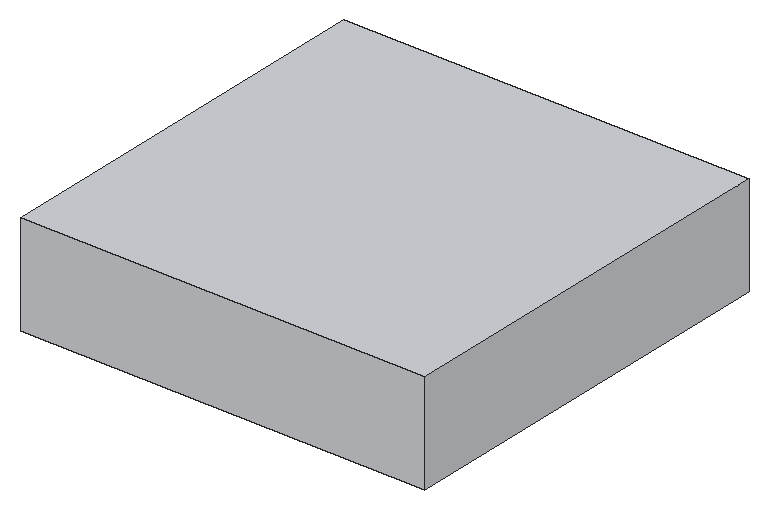
Revit family "電線管用ファミリ(片側のみ)_5", category Electrical Fixtures, Revit 2022
Family settings
  Round Connector Dimension = Use Diameter
  Part Type = Normal
  OmniClass Number = 23.80.00.00
  OmniClass Title = Electric Power and Lighting
  Work Plane-Based = No
  Always vertical = Yes
  Cut with Voids When Loaded = No
  Maintain Annotation Orientation = No
  Shared = No
  Room Calculation Point = No
Parameters
  コネクタ直径 [instance] = 16 mm
  W [instance] = 200 mm
  Default Elevation = 0 mm
  D [instance] = 200 mm
Reference planes
  plane 1 "Center (Front/Back)": y = 0
  plane 2: z = 0
  plane 3 "Center (Left/Right)": x = 0
  plane 4: x = -100
  plane 5: x = 100
  plane 6: y = 100
  plane 7: y = -100
  plane 8: z = 50
Forms (mm)
  Extrusion 1, solid
    sketch origin (0, 0, 0) x (1, 0, 0) y (0, 1, 0)
      loop
        line (-100, 100) -> (-100, -100) -> (100, -100) -> (100, 100) -> (-100, 100)
    from 0 to 50
Dimensions and locks
  equal spacing: plane 4, plane 3 "Center (Left/Right)", plane 5
  "W": plane 4 to plane 5
  equal spacing: plane 6, plane 1 "Center (Front/Back)", plane 7
  "D": plane 6 to plane 7
  aligned and locked: level to plane 2
  aligned and locked: Extrusion 1 sketch curve to plane 6
  aligned and locked: plane 4 to Extrusion 1 sketch curve
  aligned and locked: plane 7 to Extrusion 1 sketch curve
  aligned and locked: Extrusion 1 sketch curve to plane 5
  aligned and locked: plane 8 to Extrusion 1
Connectors
  cabletrayconduit at (0, 0, 50), diameter 16
    settings: on Extrusion 1, index 1, connector width 300 mm, connector height 300 mm, connector angle 0.00°, system type 32, placement type 0, profile type 0, connector reference index -1, is primary connector yes, connector utility param no, connector description ""
